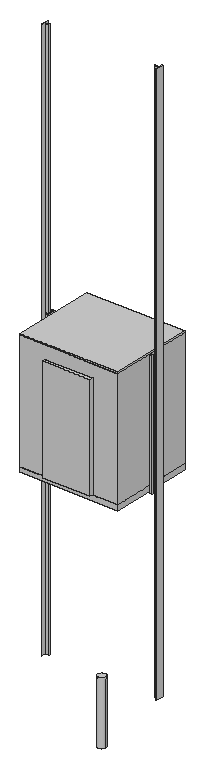
Revit family "Elevator-Electric", category Specialty Equipment, Revit 2016
Family settings
  Part Type = Normal
  Round Connector Dimension = Use Diameter
  Work Plane-Based = No
  Always vertical = Yes
  Cut with Voids When Loaded = No
  Shared = No
  Room Calculation Point = No
Parameters (values of type "2000 lbs")
  Width = 7' - 4"
  Type Comments = "www.thyssenelevator.com"
  Pit Depth = 4' - 0"
  Model = "MadeUp 8864"
  Manufacturer = "ThyssenKrupp Elevator"
  Height [instance] = 36' - 0"
  Door Opening = 3' - 0"
  Depth = 6' - 10"
  Cab Width = 6' - 0"
  Cab Location = 12' - 0"
  Cab Height = 7' - 6"
  Cab Depth = 5' - 0"
Reference planes (in)
  plane 1 "Center (Front/Back)": y = -1.8889
  plane 2: z = 0
  plane 3 "Center (Left/Right)": x = 0.29319
  plane 4 "Back": y = 44.1111
  plane 5 "Front": y = -37.8889
  plane 6 "Left": x = -43.70681
  plane 7 "Right": x = 44.29319
  plane 8: x = -35.70681
  plane 9: x = 36.29319
  plane 10: z = 432
  plane 11: z = -48
  plane 12: z = 144
  plane 13: z = 234
  plane 14: z = 140
  plane 15: z = 235
  plane 16: x = -17.70681
  plane 17: z = 224
  plane 18: x = 18.29319
  plane 19: y = 28.1111
  plane 20: y = -31.8889
Forms (in)
  Extrusion 1, solid, material "Metal - Steel"
    sketch origin (0, 0, 0) x (1, 0, 0) y (0, 1, 0)
      loop
        line (-35.70681, 28.1111) -> (-35.70681, -31.8889) -> (36.29319, -31.8889) -> (36.29319, 28.1111) -> (-35.70681, 28.1111)
      loop
        line (-37.20681, 30.1111) -> (-37.20681, -33.3889) -> (37.79319, -33.3889) -> (37.79319, 30.1111) -> (-37.20681, 30.1111)
    from 144 to 234
  Extrusion 2, solid, material "Metal - Steel"
    sketch origin (0, 0, 0) x (1, 0, 0) y (0, 1, 0)
      loop
        circle (0.29319, -1.8889) r 3
    from -48 to 0
  Extrusion 3, solid, material "Metal - Steel"
    sketch origin (0, 0, 0) x (1, 0, 0) y (0, 1, 0)
      loop
        line (-37.20681, 30.1111) -> (-37.20681, -33.3889) -> (37.79319, -33.3889) -> (37.79319, 30.1111) -> (-37.20681, 30.1111)
    from 140 to 144
  Extrusion 4, solid, material "Metal - Steel"
    sketch origin (0, 0, 0) x (1, 0, 0) y (0, 1, 0)
      loop
        line (-37.20681, 30.1111) -> (-37.20681, -33.3889) -> (37.79319, -33.3889) -> (37.79319, 30.1111) -> (-37.20681, 30.1111)
    from 234 to 235
  Extrusion 5, void
    sketch origin (0, -1.8889, 0) x (1, 0, 0) y (0, 0, 1)
      loop
        line (-17.70681, 224) -> (-17.70681, 144) -> (18.29319, 144) -> (18.29319, 224) -> (-17.70681, 224)
    from 30 to 31.5
  Extrusion 6, solid, material "Metal - Steel"
    sketch origin (0, 0.25, 0) x (1, 0, 0) y (0, 1, 0)
      loop
        line (-17.70681, -33.8889) -> (-17.70681, -35.8889) -> (18.29319, -35.8889) -> (18.29319, -33.8889) -> (-17.70681, -33.8889)
    from 144 to 224
  Extrusion 7, solid, material "Metal - Steel", detail levels medium+fine
    sketch origin (0, 0, 0) x (1, 0, 0) y (0, 1, 0)
      loop
        line (-43.70681, 1.1111) -> (-43.70681, -4.8889) -> (-43.20681, -4.8889) -> (-43.20681, -2.1389) -> (-39.95681, -2.1389) -> (-39.95681, -1.6389) -> (-43.20681, -1.6389) -> (-43.20681, 1.1111) -> (-43.70681, 1.1111)
      loop
        line (44.29319, 1.1111) -> (43.79319, 1.1111) -> (43.79319, -1.6389) -> (40.54319, -1.6389) -> (40.54319, -2.1389) -> (43.79319, -2.1389) -> (43.79319, -4.8889) -> (44.29319, -4.8889) -> (44.29319, 1.1111)
    from 0 to 432
  Extrusion 8, solid, material "Metal - Steel", detail levels medium+fine
    sketch origin (0, 0, 0) x (1, 0, 0) y (0, 1, 0)
      loop
        line (-40.45681, 1.1111) -> (-40.45681, 0.6111) -> (-38.95681, 0.6111) -> (-38.95681, -4.3889) -> (-40.45681, -4.3889) -> (-40.45681, -4.8889) -> (-38.45681, -4.8889) -> (-38.45681, 1.1111) -> (-40.45681, 1.1111)
      loop
        line (41.04319, 1.1111) -> (39.04319, 1.1111) -> (39.04319, -4.8889) -> (41.04319, -4.8889) -> (41.04319, -4.3889) -> (39.54319, -4.3889) -> (39.54319, 0.6111) -> (41.04319, 0.6111) -> (41.04319, 1.1111)
    from 140 to 235
Cuts and joins
  Extrusion 5 cuts Extrusion 1
  Extrusion 5 cuts Extrusion 2
  Extrusion 5 cuts Extrusion 3
  Extrusion 5 cuts Extrusion 4
Lines and regions (in)
  symbolic lines, style "InvisibleLines"
    curve 1: line (-43.70681, 44.1111, 0) -> (44.29319, 44.1111, 0)
    curve 2: line (-43.70681, -37.8889, 0) -> (-43.70681, 44.1111, 0)
    curve 3: line (44.29319, -37.8889, 0) -> (-43.70681, -37.8889, 0)
    curve 4: line (44.29319, 44.1111, 0) -> (44.29319, -37.8889, 0)
  symbolic lines, style "Elevator"
    curve 5: line (37.79319, 30.1111, 0) -> (-37.20681, 30.1111, 0)
    curve 6: line (37.79319, -33.3889, 0) -> (37.79319, 30.1111, 0)
    curve 8: line (-37.20681, 30.1111, 0) -> (-37.20681, -33.3889, 0)
    curve 29: line (-37.20681, 30.1111, 0) -> (37.79319, -33.3889, 0)
    curve 30: line (37.79319, 30.1111, 0) -> (-37.20681, -33.3889, 0)
  symbolic lines, style "Elevator", detail levels medium+fine
    curve 7: line (36.29319, 28.1111, 0) -> (36.29319, -31.8889, 0)
    curve 9: line (-35.70681, -31.8889, 0) -> (-35.70681, 28.1111, 0)
    curve 10: line (-35.70681, 28.1111, 0) -> (36.29319, 28.1111, 0)
    curve 11: line (-35.70681, -31.8889, 0) -> (-17.70681, -31.8889, 0)
    curve 12: line (-17.70681, -33.3889, 0) -> (-37.20681, -33.3889, 0)
    curve 13: line (-17.70681, -31.8889, 0) -> (-17.70681, -33.3889, 0)
    curve 14: line (37.79319, -33.3889, 0) -> (18.29319, -33.3889, 0)
    curve 15: line (18.29319, -31.8889, 0) -> (36.29319, -31.8889, 0)
    curve 16: line (18.29319, -33.3889, 0) -> (18.29319, -31.8889, 0)
    curve 17: line (-43.70681, -34.8889, 0) -> (-41.70681, -34.8889, 0)
    curve 18: line (-41.70681, -34.8889, 0) -> (-41.70681, -15.8889, 0)
    curve 19: line (-41.70681, -15.8889, 0) -> (-43.70681, -15.8889, 0)
    curve 20: line (-42.70681, -15.8889, 0) -> (-42.70681, -34.8889, 0)
    curve 21: line (-42.70681, -16.3889, 0) -> (-43.70681, -16.3889, 0)
    curve 22: line (-42.70681, -34.3889, 0) -> (-43.70681, -34.3889, 0)
    curve 23: line (-43.70681, -36.3889, 0) -> (44.29319, -36.3889, 0)
    curve 24: line (-17.70681, -33.6389, 0) -> (18.29319, -33.6389, 0)
    curve 25: line (-17.70681, -35.6389, 0) -> (-17.70681, -33.6389, 0)
    curve 26: line (18.29319, -35.6389, 0) -> (-17.70681, -35.6389, 0)
    curve 27: line (18.29319, -33.6389, 0) -> (18.29319, -35.6389, 0)
    curve 28: line (0.29319, -35.6389, 0) -> (0.29319, -33.6389, 0)
    curve 32: line (-14.70681, 42.1111, 0) -> (15.29319, 42.1111, 0)
    curve 33: line (-14.70681, 32.1111, 0) -> (-14.70681, 42.1111, 0)
    curve 34: line (15.29319, 32.1111, 0) -> (-14.70681, 32.1111, 0)
    curve 35: line (15.29319, 42.1111, 0) -> (15.29319, 32.1111, 0)
  symbolic lines, style "Elevator", detail levels coarse
    curve 31: line (-37.20681, -33.3889, 0) -> (37.79319, -33.3889, 0)
Dimensions and locks (in)
  "Width": plane 6 "Left" to plane 7 "Right"
  "Depth": plane 5 "Front" to plane 4 "Back"
  equal spacing: plane 6 "Left", plane 3 "Center (Left/Right)", plane 7 "Right"
  equal spacing: plane 8, plane 3 "Center (Left/Right)", plane 9
  "Cab Width": plane 8 to plane 9
  "Height": plane 2 to plane 10
  "Cab Height": plane 12 to plane 13
  "Cab Location": plane 2 to plane 12
  "Pit Depth": plane 2 to plane 11
  locked: plane 14 to plane 12 at 4
  locked: plane 13 to plane 15 at 1
  locked: plane 17 to plane 12 at 80
  "Door Opening": plane 18 to plane 16
  equal spacing: plane 18, plane 3 "Center (Left/Right)", plane 16
  locked: plane 20 to plane 5 "Front" at 6
  equal spacing: plane 19, plane 1 "Center (Front/Back)", plane 20
  "Cab Depth": plane 19 to plane 20
  locked: level to plane 11 at 48
  aligned and locked: plane 8 to Extrusion 1 sketch curve
  aligned and locked: Extrusion 1 sketch curve to plane 9
  aligned and locked: Extrusion 1 to plane 13
  aligned and locked: plane 11 to Extrusion 2
  aligned and locked: plane 12 to Extrusion 1
  aligned and locked: Extrusion 3 sketch curve to Extrusion 1  (x4)
  aligned and locked: Extrusion 1 to Extrusion 4 sketch curve
  aligned and locked: Extrusion 4 sketch curve to Extrusion 1  (x3)
  aligned and locked: Extrusion 4 to plane 15
  aligned and locked: Extrusion 4 to Extrusion 1
  aligned and locked: plane 16 to Extrusion 5 sketch curve
  aligned and locked: plane 17 to Extrusion 5 sketch curve
  aligned and locked: plane 12 to Extrusion 5 sketch curve
  aligned and locked: Extrusion 5 sketch curve to plane 18
  aligned and locked: Extrusion 6 to plane 17
  aligned and locked: Extrusion 7 to plane 10
  aligned and locked: Extrusion 8 to plane 15
  aligned and locked: plane 14 to cut or joined group of Extrusion 3, Extrusion 5
  aligned and locked: cut or joined group of Extrusion 3, Extrusion 5 to plane 12
  aligned and locked: curve 5 to cut or joined group of Extrusion 3, Extrusion 5
  aligned and locked: curve 6 to cut or joined group of Extrusion 3, Extrusion 5
  aligned and locked: curve 7 to cut or joined group of Extrusion 1, Extrusion 5
  aligned and locked: curve 9 to cut or joined group of Extrusion 1, Extrusion 5
  aligned and locked: curve 10 to cut or joined group of Extrusion 1, Extrusion 5
  aligned and locked: curve 11 to cut or joined group of Extrusion 1, Extrusion 5
  aligned and locked: cut or joined group of Extrusion 1, Extrusion 5 to curve 13
  aligned and locked: curve 14 to cut or joined group of Extrusion 1, Extrusion 5
  aligned and locked: curve 16 to cut or joined group of Extrusion 1, Extrusion 5
  aligned and locked: plane 12 to Extrusion 6
  aligned and locked: Extrusion 1 sketch curve to plane 19
  aligned and locked: plane 20 to Extrusion 1 sketch curve
  aligned and locked: curve 15 to plane 20
  aligned and locked: Extrusion 1 to Extrusion 5  (x2)
  aligned: level to Extrusion 2
Automatic sketch dimensions
  Extrusion 2 sketch curve to plane 1 "Center (Front/Back)" = 0' - 0"
  Extrusion 2 sketch curve to plane 3 "Center (Left/Right)" = 0' - 0"
  Extrusion 2 sketch curve to plane 3 "Center (Left/Right)" = 0' - 3"
  Extrusion 6 sketch curve to plane 16 = 0' - 0"
  Extrusion 6 sketch curve to plane 18 = 0' - 0"
  Extrusion 6 sketch curve to plane 5 "Front" = 0' - 2 1/4"
  Extrusion 6 sketch curve to Extrusion 6 sketch curve = 0' - 2"
  Extrusion 7 sketch curve to plane 6 "Left" = 0' - 0"
  Extrusion 7 sketch curve to plane 7 "Right" = 0' - 0"
  Extrusion 7 sketch curve to plane 1 "Center (Front/Back)" = 0' - 0 1/4"  (x2)
  plane 6 "Left" to Extrusion 7 sketch curve = 0' - 0 1/2"
  Extrusion 7 sketch curve to Extrusion 7 sketch curve = 0' - 0 1/2"  (x2)
  plane 1 "Center (Front/Back)" to Extrusion 7 sketch curve = 0' - 0 1/4"  (x2)
  plane 7 "Right" to Extrusion 7 sketch curve = 0' - 0 1/2"
  Extrusion 7 sketch curve to Extrusion 7 sketch curve = 0' - 2 3/4"  (x4)
  Extrusion 7 sketch curve to plane 8 = 0' - 4 1/4"
  Extrusion 7 sketch curve to plane 9 = 0' - 4 1/4"
  Extrusion 8 sketch curve to plane 8 = 0' - 4 3/4"  (x2)
  Extrusion 8 sketch curve to Extrusion 8 sketch curve = 0' - 1 1/2"  (x3)
  Extrusion 8 sketch curve to Extrusion 8 sketch curve = 0' - 0 1/2"  (x6)
  Extrusion 8 sketch curve to plane 9 = 0' - 2 3/4"
  plane 1 "Center (Front/Back)" to Extrusion 8 sketch curve = 0' - 3"  (x2)
  Extrusion 8 sketch curve to plane 1 "Center (Front/Back)" = 0' - 2 1/2"  (x2)
  Extrusion 1 sketch curve to plane 8 = 0' - 1 1/2"
  Extrusion 1 sketch curve to plane 9 = 0' - 1 1/2"
  Extrusion 1 sketch curve to plane 20 = 0' - 1 1/2"
  plane 19 to Extrusion 1 sketch curve = 0' - 2"
  curve 17 to plane 6 "Left" = 0' - 0"
  curve 23 to plane 6 "Left" = 0' - 0"
  curve 2 to plane 5 "Front" = 0' - 0"
  curve 2 to plane 6 "Left" = 0' - 0"
  curve 22 to plane 6 "Left" = 0' - 0"
  curve 21 to plane 6 "Left" = 0' - 0"
  curve 19 to plane 6 "Left" = 0' - 0"
  curve 25 to plane 16 = 0' - 0"
  curve 28 to plane 3 "Center (Left/Right)" = 0' - 0"
  curve 24 to plane 18 = 0' - 0"
  curve 23 to plane 7 "Right" = 0' - 0"
  curve 1 to plane 4 "Back" = 0' - 0"
  curve 1 to plane 7 "Right" = 0' - 0"
  plane 6 "Left" to curve 20 = 0' - 1"
  curve 20 to curve 18 = 0' - 1"
  curve 8 to plane 8 = 0' - 1 1/2"
  plane 16 to curve 33 = 0' - 3"
  curve 35 to plane 18 = 0' - 3"
  curve 23 to plane 5 "Front" = 0' - 1 1/2"
  curve 27 to curve 14 = 0' - 2 1/4"
  curve 23 to curve 17 = 0' - 1 1/2"
  curve 20 to curve 22 = 0' - 0 1/2"
  curve 28 to plane 20 = 0' - 1 3/4"
  plane 1 "Center (Front/Back)" to curve 21 = 1' - 2 1/2"
  curve 21 to curve 19 = 0' - 0 1/2"
  plane 19 to curve 34 = 0' - 4"
  plane 4 "Back" to curve 32 = 0' - 2"
